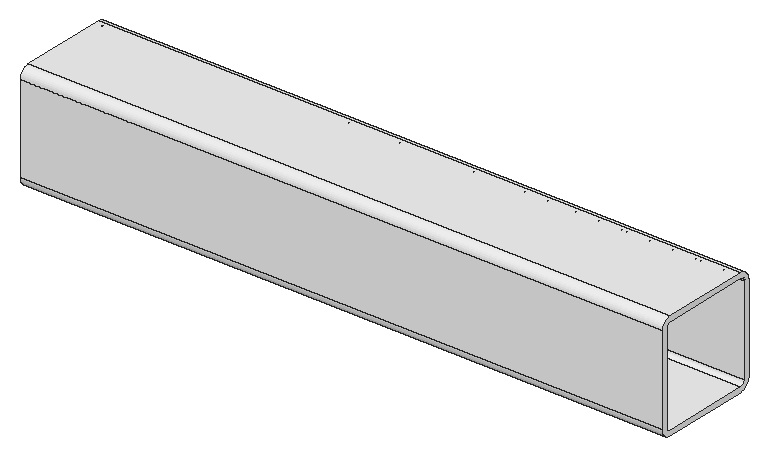
Revit family "M_CEV-Corte da estrutura vazado", category Quadro estrutural, Revit 2019
Family settings
  Arredondamento do comprimento do framing estrutural = 0 mm
  Forma do corte = Não definido
  Material para o comportamento do modelo = Aço
  Exportar sempre como geometria = Não
  Número OmniClass = 23.25.30.11.14.14
  Título OmniClass = Beams
  ID de item do Seek = HSS-Hollow Structural Section-0000-CAN-ENU
  Sempre na vertical = Sim
  Corte com vazios quando carregada = Não
  Representação simbólica = Das configurações de projeto
  Compartilhado = Não
  Exibir o pré-corte da família na vista da planta = Sim
Parameters (values of type "HSS203.2X203.2X9.5")
  W = 0.549
  Structural Material [instance] = Aço, 45-345
  Assembly Code = ""
  Ht = 203 mm
  Length [instance] = 1524 mm
  Forma = "Quadrado"
  b = 203 mm
  tr = 2 * t  # 17.8 mm
  t = 8.9 mm
  A = 0.007 m²
Reference planes
  plane 1 "Centro (Frente/Trás)": y = 0
  plane 2: z = 0
  plane 3 "Centro (Esquerda/Direita)": x = 4.61
  plane 4 "Membro esquerdo": x = -604.99
  plane 5 "Membro direito": x = 614.21
  plane 6: y = 101.5
  plane 7: y = -101.5
  plane 8 "Superior": z = 101.5
  plane 9: z = -101.5
  plane 10 "Esquerda": x = -757.39
  plane 11 "Direita": x = 766.61
Forms (mm)
  Sweep 1, solid, material "Aço, 45-345" <- "Structural Material", detail levels fine
    path origin (0, 0, 0) x (1, 0, 0) y (0, 1, 0)
      loop
        line (614.21, 0) -> (-604.99, 0)
    profile "M_Vazado-Estrutural-Corte-Perfil-Alto : M_Vazado-Estrutural-Corte-Perfil-Alto" origin (4.61, 0, 0) x (0, -1, 0) y (0, 0, 1)
      loop
        arc (-83.7, 92.6) -> (-89.993, 89.993) -> (-92.6, 83.7) r 8.9
        line (-92.6, 83.7) -> (-92.6, -83.7)
        arc (-92.6, -83.7) -> (-89.993, -89.993) -> (-83.7, -92.6) r 8.9
        line (-83.7, -92.6) -> (83.7, -92.6)
        arc (83.7, -92.6) -> (89.993, -89.993) -> (92.6, -83.7) r 8.9
        line (92.6, -83.7) -> (92.6, 83.7)
        arc (92.6, 83.7) -> (89.993, 89.993) -> (83.7, 92.6) r 8.9
        line (83.7, 92.6) -> (-83.7, 92.6)
      loop
        arc (-101.5, -83.7) -> (-96.287, -96.287) -> (-83.7, -101.5) r 17.8
        line (-83.7, -101.5) -> (83.7, -101.5)
        arc (83.7, -101.5) -> (96.287, -96.287) -> (101.5, -83.7) r 17.8
        line (101.5, -83.7) -> (101.5, 83.7)
        arc (101.5, 83.7) -> (96.287, 96.287) -> (83.7, 101.5) r 17.8
        line (83.7, 101.5) -> (-83.7, 101.5)
        arc (-83.7, 101.5) -> (-96.287, 96.287) -> (-101.5, 83.7) r 17.8
        line (-101.5, 83.7) -> (-101.5, -83.7)
  Sweep 2, solid, material "Aço, 45-345" <- "Structural Material", detail levels medium
    path origin (0, 0, 0) x (1, 0, 0) y (0, 1, 0)
      loop
        line (614.21, 0) -> (-604.99, 0)
    profile "M_Vazado-Estrutural-Corte-Perfil-Médio : M_Vazado-Estrutural-Corte-Perfil-Médio" origin (4.61, 0, 0) x (0, -1, 0) y (0, 0, 1)
      loop
        line (-92.6, 92.6) -> (-92.6, -92.6) -> (92.6, -92.6) -> (92.6, 92.6) -> (-92.6, 92.6)
      loop
        line (-101.5, -101.5) -> (101.5, -101.5) -> (101.5, 101.5) -> (-101.5, 101.5) -> (-101.5, -101.5)
Lines and regions (mm)
  symbolic lines, style "Faces ocultas", detail levels medium+fine
    curve 1: line (614.21, -92.6, 0) -> (-604.99, -92.6, 0)
    curve 2: line (614.21, 92.6, 0) -> (-604.99, 92.6, 0)
    curve 3: line (-604.99, 0, 92.6) -> (614.21, 0, 92.6)
    curve 4: line (-604.99, 0, -92.6) -> (614.21, 0, -92.6)
  symbolic lines, style "Símbolos de vara", detail levels coarse
    curve 5: line (4.61, -101.5, 101.5) -> (4.61, -101.5, -101.5)
    curve 6: line (4.61, -101.5, -101.5) -> (4.61, 101.5, -101.5)
    curve 7: line (4.61, 101.5, -101.5) -> (4.61, 101.5, 101.5)
    curve 8: line (4.61, 101.5, 101.5) -> (4.61, -101.5, 101.5)
Dimensions and locks
  "b": plane 6 to plane 7
  "Ht": plane 9 to plane 8 "Superior"
  equal spacing: plane 9, plane 2, plane 8 "Superior"
  equal spacing: plane 6, plane 1 "Centro (Frente/Trás)", plane 7
  "t": plane 6 to curve 2
  "t": curve 1 to plane 7
  "t": plane 8 "Superior" to curve 3
  "t": curve 4 to plane 9
  "Length": plane 10 "Esquerda" to plane 11 "Direita"
  aligned and locked: Sweep 1 sketch curve to plane 1 "Centro (Frente/Trás)"
  aligned and locked: Sweep 2 sketch curve to plane 1 "Centro (Frente/Trás)"
  aligned and locked: curve 5 to Sweep 2
  aligned and locked: curve 6 to Sweep 2
  aligned and locked: curve 7 to Sweep 2
  aligned and locked: curve 8 to Sweep 2
  aligned and locked: plane 4 "Membro esquerdo" to Sweep 2 sketch curve
  aligned and locked: plane 5 "Membro direito" to Sweep 2 sketch curve
  aligned and locked: plane 4 "Membro esquerdo" to Sweep 1 sketch curve
  aligned and locked: plane 5 "Membro direito" to Sweep 1 sketch curve
  aligned and locked: plane 4 "Membro esquerdo" to curve 2
  aligned and locked: plane 4 "Membro esquerdo" to curve 1
  aligned and locked: plane 5 "Membro direito" to curve 2
  aligned and locked: plane 5 "Membro direito" to curve 1
  aligned and locked: plane 4 "Membro esquerdo" to curve 3
  aligned and locked: plane 4 "Membro esquerdo" to curve 4
  aligned and locked: plane 5 "Membro direito" to curve 3
  aligned and locked: plane 5 "Membro direito" to curve 4
Types in the file's own list only (332): name | W | Ht | Forma | b | tr | t | A
  HSS508X304.8X15.9 | 1.86 | 508 mm | "Retângulo" | 305 mm | 30 mm | 15 mm | 0.02 m²
  HSS508X304.8X12.7 | 1.51 | 508 mm | "Retângulo" | 305 mm | 24 mm | 12 mm | 0.02 m²
  HSS508X304.8X9.5 | 1.14 | 508 mm | "Retângulo" | 305 mm | 18 mm | 9 mm | 0.01 m²
  HSS508X304.8X7.9 | 0.961 | 508 mm | "Retângulo" | 305 mm | 15 mm | 7 mm | 0.01 m²
  HSS508X203.2X15.9 | 1.61 | 508 mm | "Retângulo" | 203 mm | 30 mm | 15 mm | 0.02 m²
  HSS508X203.2X12.7 | 1.31 | 508 mm | "Retângulo" | 203 mm | 24 mm | 12 mm | 0.02 m²
  HSS508X203.2X9.5 | 0.996 | 508 mm | "Retângulo" | 203 mm | 18 mm | 9 mm | 0.01 m²
  HSS508X203.2X7.9 | 0.836 | 508 mm | "Retângulo" | 203 mm | 15 mm | 7 mm | 0.01 m²
  HSS508X101.6X12.7 | 1.11 | 508 mm | "Retângulo" | 102 mm | 24 mm | 12 mm | 0.01 m²
  HSS508X101.6X9.5 | 0.847 | 508 mm | "Retângulo" | 102 mm | 18 mm | 9 mm | 0.01 m²
  HSS508X101.6X7.9 | 0.712 | 508 mm | "Retângulo" | 102 mm | 15 mm | 7 mm | 0.01 m²
  HSS457.2X304.8X15.9 | 1.73 | 457 mm | "Retângulo" | 305 mm | 30 mm | 15 mm | 0.02 m²
  HSS457.2X304.8X12.7 | 1.41 | 457 mm | "Retângulo" | 305 mm | 24 mm | 12 mm | 0.02 m²
  HSS457.2X304.8X9.5 | 1.07 | 457 mm | "Retângulo" | 305 mm | 18 mm | 9 mm | 0.01 m²
  HSS457.2X152.4X15.9 | 1.36 | 457 mm | "Retângulo" | 152 mm | 30 mm | 15 mm | 0.02 m²
  HSS457.2X152.4X12.7 | 1.11 | 457 mm | "Retângulo" | 152 mm | 24 mm | 12 mm | 0.01 m²
  HSS457.2X152.4X9.5 | 0.847 | 457 mm | "Retângulo" | 152 mm | 18 mm | 9 mm | 0.01 m²
  HSS457.2X152.4X7.9 | 0.712 | 457 mm | "Retângulo" | 152 mm | 15 mm | 7 mm | 0.01 m²
  HSS457.2X152.4X6.4 | 0.575 | 457 mm | "Retângulo" | 152 mm | 12 mm | 6 mm | 0.01 m²
  HSS406.4X406.4X15.9 | 1.86 | 406 mm | "Quadrado" | 406 mm | 30 mm | 15 mm | 0.02 m²
  HSS406.4X406.4X12.7 | 1.51 | 406 mm | "Quadrado" | 406 mm | 24 mm | 12 mm | 0.02 m²
  HSS406.4X406.4X9.5 | 1.14 | 406 mm | "Quadrado" | 406 mm | 18 mm | 9 mm | 0.01 m²
  HSS406.4X406.4X7.9 | 0.961 | 406 mm | "Quadrado" | 406 mm | 15 mm | 7 mm | 0.01 m²
  HSS406.4X304.8X15.9 | 1.61 | 406 mm | "Retângulo" | 305 mm | 30 mm | 15 mm | 0.02 m²
  HSS406.4X304.8X12.7 | 1.31 | 406 mm | "Retângulo" | 305 mm | 24 mm | 12 mm | 0.02 m²
  HSS406.4X304.8X9.5 | 0.996 | 406 mm | "Retângulo" | 305 mm | 18 mm | 9 mm | 0.01 m²
  HSS406.4X304.8X7.9 | 0.836 | 406 mm | "Retângulo" | 305 mm | 15 mm | 7 mm | 0.01 m²
  HSS406.4X203.2X15.9 | 1.36 | 406 mm | "Retângulo" | 203 mm | 30 mm | 15 mm | 0.02 m²
  HSS406.4X203.2X12.7 | 1.11 | 406 mm | "Retângulo" | 203 mm | 24 mm | 12 mm | 0.01 m²
  HSS406.4X203.2X9.5 | 0.847 | 406 mm | "Retângulo" | 203 mm | 18 mm | 9 mm | 0.01 m²
  HSS406.4X203.2X7.9 | 0.712 | 406 mm | "Retângulo" | 203 mm | 15 mm | 7 mm | 0.01 m²
  HSS406.4X101.6X12.7 | 0.91 | 406 mm | "Retângulo" | 102 mm | 24 mm | 12 mm | 0.01 m²
  HSS406.4X101.6X9.5 | 0.698 | 406 mm | "Retângulo" | 102 mm | 18 mm | 9 mm | 0.01 m²
  HSS406.4X101.6X7.9 | 0.588 | 406 mm | "Retângulo" | 102 mm | 15 mm | 7 mm | 0.01 m²
  HSS355.6X355.6X15.9 | 1.61 | 356 mm | "Quadrado" | 356 mm | 30 mm | 15 mm | 0.02 m²
  HSS355.6X355.6X12.7 | 1.31 | 356 mm | "Quadrado" | 356 mm | 24 mm | 12 mm | 0.02 m²
  HSS355.6X355.6X9.5 | 0.996 | 356 mm | "Quadrado" | 356 mm | 18 mm | 9 mm | 0.01 m²
  HSS355.6X355.6X7.9 | 0.836 | 356 mm | "Quadrado" | 356 mm | 15 mm | 7 mm | 0.01 m²
  HSS355.6X304.8X12.7 | 1.21 | 356 mm | "Retângulo" | 305 mm | 24 mm | 12 mm | 0.01 m²
  HSS355.6X304.8X9.5 | 0.921 | 356 mm | "Retângulo" | 305 mm | 18 mm | 9 mm | 0.01 m²
  HSS355.6X254X15.9 | 1.36 | 356 mm | "Retângulo" | 254 mm | 30 mm | 15 mm | 0.02 m²
  HSS355.6X254X12.7 | 1.11 | 356 mm | "Retângulo" | 254 mm | 24 mm | 12 mm | 0.01 m²
  HSS355.6X254X9.5 | 0.847 | 356 mm | "Retângulo" | 254 mm | 18 mm | 9 mm | 0.01 m²
  HSS355.6X254X7.9 | 0.712 | 356 mm | "Retângulo" | 254 mm | 15 mm | 7 mm | 0.01 m²
  HSS355.6X254X6.4 | 0.575 | 356 mm | "Retângulo" | 254 mm | 12 mm | 6 mm | 0.01 m²
  HSS355.6X152.4X15.9 | 1.11 | 356 mm | "Retângulo" | 152 mm | 30 mm | 15 mm | 0.01 m²
  HSS355.6X152.4X12.7 | 0.91 | 356 mm | "Retângulo" | 152 mm | 24 mm | 12 mm | 0.01 m²
  HSS355.6X152.4X9.5 | 0.698 | 356 mm | "Retângulo" | 152 mm | 18 mm | 9 mm | 0.01 m²
  HSS355.6X152.4X7.9 | 0.588 | 356 mm | "Retângulo" | 152 mm | 15 mm | 7 mm | 0.01 m²
  HSS355.6X152.4X6.4 | 0.476 | 356 mm | "Retângulo" | 152 mm | 12 mm | 6 mm | 0.01 m²
  HSS355.6X152.4X4.8 | 0.361 | 356 mm | "Retângulo" | 152 mm | 9 mm | 4 mm | 0.00 m²
  HSS355.6X101.6X15.9 | 0.987 | 356 mm | "Retângulo" | 102 mm | 30 mm | 15 mm | 0.01 m²
  HSS355.6X101.6X12.7 | 0.81 | 356 mm | "Retângulo" | 102 mm | 24 mm | 12 mm | 0.01 m²
  HSS355.6X101.6X9.5 | 0.623 | 356 mm | "Retângulo" | 102 mm | 18 mm | 9 mm | 0.01 m²
  HSS355.6X101.6X7.9 | 0.526 | 356 mm | "Retângulo" | 102 mm | 15 mm | 7 mm | 0.01 m²
  HSS355.6X101.6X6.4 | 0.426 | 356 mm | "Retângulo" | 102 mm | 12 mm | 6 mm | 0.01 m²
  HSS355.6X101.6X4.8 | 0.323 | 356 mm | "Retângulo" | 102 mm | 9 mm | 4 mm | 0.00 m²
  HSS304.8X304.8X15.9 | 1.36 | 305 mm | "Quadrado" | 305 mm | 30 mm | 15 mm | 0.02 m²
  HSS304.8X304.8X12.7 | 1.11 | 305 mm | "Quadrado" | 305 mm | 24 mm | 12 mm | 0.01 m²
  HSS304.8X304.8X9.5 | 0.847 | 305 mm | "Quadrado" | 305 mm | 18 mm | 9 mm | 0.01 m²
  HSS304.8X304.8X7.9 | 0.712 | 305 mm | "Quadrado" | 305 mm | 15 mm | 7 mm | 0.01 m²
  HSS304.8X304.8X6.4 | 0.575 | 305 mm | "Quadrado" | 305 mm | 12 mm | 6 mm | 0.01 m²
  HSS304.8X254X12.7 | 1.01 | 305 mm | "Retângulo" | 254 mm | 24 mm | 12 mm | 0.01 m²
  HSS304.8X254X9.5 | 0.772 | 305 mm | "Retângulo" | 254 mm | 18 mm | 9 mm | 0.01 m²
  HSS304.8X254X7.9 | 0.65 | 305 mm | "Retângulo" | 254 mm | 15 mm | 7 mm | 0.01 m²
  HSS304.8X254X6.4 | 0.525 | 305 mm | "Retângulo" | 254 mm | 12 mm | 6 mm | 0.01 m²
  HSS304.8X203.2X15.9 | 1.11 | 305 mm | "Retângulo" | 203 mm | 30 mm | 15 mm | 0.01 m²
  HSS304.8X203.2X12.7 | 0.91 | 305 mm | "Retângulo" | 203 mm | 24 mm | 12 mm | 0.01 m²
  HSS304.8X203.2X9.5 | 0.698 | 305 mm | "Retângulo" | 203 mm | 18 mm | 9 mm | 0.01 m²
  HSS304.8X203.2X7.9 | 0.588 | 305 mm | "Retângulo" | 203 mm | 15 mm | 7 mm | 0.01 m²
  HSS304.8X203.2X6.4 | 0.476 | 305 mm | "Retângulo" | 203 mm | 12 mm | 6 mm | 0.01 m²
  HSS304.8X203.2X4.8 | 0.361 | 305 mm | "Retângulo" | 203 mm | 9 mm | 4 mm | 0.00 m²
  HSS304.8X152.4X15.9 | 0.987 | 305 mm | "Retângulo" | 152 mm | 30 mm | 15 mm | 0.01 m²
  HSS304.8X152.4X12.7 | 0.81 | 305 mm | "Retângulo" | 152 mm | 24 mm | 12 mm | 0.01 m²
  HSS304.8X152.4X9.5 | 0.623 | 305 mm | "Retângulo" | 152 mm | 18 mm | 9 mm | 0.01 m²
  HSS304.8X152.4X7.9 | 0.526 | 305 mm | "Retângulo" | 152 mm | 15 mm | 7 mm | 0.01 m²
  HSS304.8X152.4X6.4 | 0.426 | 305 mm | "Retângulo" | 152 mm | 12 mm | 6 mm | 0.01 m²
  HSS304.8X152.4X4.8 | 0.323 | 305 mm | "Retângulo" | 152 mm | 9 mm | 4 mm | 0.00 m²
  HSS304.8X101.6X15.9 | 0.863 | 305 mm | "Retângulo" | 102 mm | 30 mm | 15 mm | 0.01 m²
  HSS304.8X101.6X12.7 | 0.711 | 305 mm | "Retângulo" | 102 mm | 24 mm | 12 mm | 0.01 m²
  HSS304.8X101.6X9.5 | 0.549 | 305 mm | "Retângulo" | 102 mm | 18 mm | 9 mm | 0.01 m²
  HSS304.8X101.6X7.9 | 0.464 | 305 mm | "Retângulo" | 102 mm | 15 mm | 7 mm | 0.01 m²
  HSS304.8X101.6X6.4 | 0.376 | 305 mm | "Retângulo" | 102 mm | 12 mm | 6 mm | 0.00 m²
  HSS304.8X101.6X4.8 | 0.286 | 305 mm | "Retângulo" | 102 mm | 9 mm | 4 mm | 0.00 m²
  HSS304.8X88.9X9.5 | 0.53 | 305 mm | "Retângulo" | 89 mm | 18 mm | 9 mm | 0.01 m²
  HSS304.8X88.9X7.9 | 0.448 | 305 mm | "Retângulo" | 89 mm | 15 mm | 7 mm | 0.01 m²
  HSS304.8X76.2X7.9 | 0.433 | 305 mm | "Retângulo" | 76 mm | 15 mm | 7 mm | 0.01 m²
  HSS304.8X76.2X6.4 | 0.352 | 305 mm | "Retângulo" | 76 mm | 12 mm | 6 mm | 0.00 m²
  HSS304.8X76.2X4.8 | 0.268 | 305 mm | "Retângulo" | 76 mm | 9 mm | 4 mm | 0.00 m²
  HSS304.8X50.8X6.4 | 0.327 | 305 mm | "Retângulo" | 51 mm | 12 mm | 6 mm | 0.00 m²
  HSS304.8X50.8X4.8 | 0.249 | 305 mm | "Retângulo" | 51 mm | 9 mm | 4 mm | 0.00 m²
  HSS254X254X15.9 | 1.11 | 254 mm | "Quadrado" | 254 mm | 30 mm | 15 mm | 0.01 m²
  HSS254X254X12.7 | 0.91 | 254 mm | "Quadrado" | 254 mm | 24 mm | 12 mm | 0.01 m²
  HSS254X254X9.5 | 0.698 | 254 mm | "Quadrado" | 254 mm | 18 mm | 9 mm | 0.01 m²
  HSS254X254X7.9 | 0.588 | 254 mm | "Quadrado" | 254 mm | 15 mm | 7 mm | 0.01 m²
  HSS254X254X6.4 | 0.476 | 254 mm | "Quadrado" | 254 mm | 12 mm | 6 mm | 0.01 m²
  HSS254X254X4.8 | 0.361 | 254 mm | "Quadrado" | 254 mm | 9 mm | 4 mm | 0.00 m²
  HSS254X203.2X12.7 | 0.81 | 254 mm | "Retângulo" | 203 mm | 24 mm | 12 mm | 0.01 m²
  HSS254X203.2X9.5 | 0.623 | 254 mm | "Retângulo" | 203 mm | 18 mm | 9 mm | 0.01 m²
  HSS254X203.2X7.9 | 0.526 | 254 mm | "Retângulo" | 203 mm | 15 mm | 7 mm | 0.01 m²
  HSS254X203.2X6.4 | 0.426 | 254 mm | "Retângulo" | 203 mm | 12 mm | 6 mm | 0.01 m²
  HSS254X203.2X4.8 | 0.323 | 254 mm | "Retângulo" | 203 mm | 9 mm | 4 mm | 0.00 m²
  HSS254X152.4X15.9 | 0.863 | 254 mm | "Retângulo" | 152 mm | 30 mm | 15 mm | 0.01 m²
  HSS254X152.4X12.7 | 0.711 | 254 mm | "Retângulo" | 152 mm | 24 mm | 12 mm | 0.01 m²
  HSS254X152.4X9.5 | 0.549 | 254 mm | "Retângulo" | 152 mm | 18 mm | 9 mm | 0.01 m²
  HSS254X152.4X7.9 | 0.464 | 254 mm | "Retângulo" | 152 mm | 15 mm | 7 mm | 0.01 m²
  HSS254X152.4X6.4 | 0.376 | 254 mm | "Retângulo" | 152 mm | 12 mm | 6 mm | 0.00 m²
  HSS254X152.4X4.8 | 0.286 | 254 mm | "Retângulo" | 152 mm | 9 mm | 4 mm | 0.00 m²
  HSS254X127X9.5 | 0.512 | 254 mm | "Retângulo" | 127 mm | 18 mm | 9 mm | 0.01 m²
  HSS254X127X7.9 | 0.433 | 254 mm | "Retângulo" | 127 mm | 15 mm | 7 mm | 0.01 m²
  HSS254X127X6.4 | 0.352 | 254 mm | "Retângulo" | 127 mm | 12 mm | 6 mm | 0.00 m²
  HSS254X127X4.8 | 0.268 | 254 mm | "Retângulo" | 127 mm | 9 mm | 4 mm | 0.00 m²
  HSS254X101.6X15.9 | 0.738 | 254 mm | "Retângulo" | 102 mm | 30 mm | 15 mm | 0.01 m²
  HSS254X101.6X12.7 | 0.612 | 254 mm | "Retângulo" | 102 mm | 24 mm | 12 mm | 0.01 m²
  HSS254X101.6X9.5 | 0.474 | 254 mm | "Retângulo" | 102 mm | 18 mm | 9 mm | 0.01 m²
  HSS254X101.6X7.9 | 0.402 | 254 mm | "Retângulo" | 102 mm | 15 mm | 7 mm | 0.00 m²
  HSS254X101.6X6.4 | 0.327 | 254 mm | "Retângulo" | 102 mm | 12 mm | 6 mm | 0.00 m²
  HSS254X101.6X4.8 | 0.249 | 254 mm | "Retângulo" | 102 mm | 9 mm | 4 mm | 0.00 m²
  HSS254X88.9X4.8 | 0.24 | 254 mm | "Retângulo" | 89 mm | 9 mm | 4 mm | 0.00 m²
  HSS254X76.2X9.5 | 0.437 | 254 mm | "Retângulo" | 76 mm | 18 mm | 9 mm | 0.01 m²
  HSS254X76.2X7.9 | 0.371 | 254 mm | "Retângulo" | 76 mm | 15 mm | 7 mm | 0.00 m²
  HSS254X76.2X6.4 | 0.302 | 254 mm | "Retângulo" | 76 mm | 12 mm | 6 mm | 0.00 m²
  HSS254X76.2X4.8 | 0.23 | 254 mm | "Retângulo" | 76 mm | 9 mm | 4 mm | 0.00 m²
  HSS254X76.2X3.2 | 0.156 | 254 mm | "Retângulo" | 76 mm | 6 mm | 3 mm | 0.00 m²
  HSS254X50.8X9.5 | 0.4 | 254 mm | "Retângulo" | 51 mm | 18 mm | 9 mm | 0.00 m²
  HSS254X50.8X7.9 | 0.34 | 254 mm | "Retângulo" | 51 mm | 15 mm | 7 mm | 0.00 m²
  HSS254X50.8X6.4 | 0.277 | 254 mm | "Retângulo" | 51 mm | 12 mm | 6 mm | 0.00 m²
  HSS254X50.8X4.8 | 0.212 | 254 mm | "Retângulo" | 51 mm | 9 mm | 4 mm | 0.00 m²
  HSS228.6X177.8X15.9 | 0.863 | 229 mm | "Retângulo" | 178 mm | 30 mm | 15 mm | 0.01 m²
  HSS228.6X177.8X12.7 | 0.711 | 229 mm | "Retângulo" | 178 mm | 24 mm | 12 mm | 0.01 m²
  HSS228.6X177.8X9.5 | 0.549 | 229 mm | "Retângulo" | 178 mm | 18 mm | 9 mm | 0.01 m²
  HSS228.6X177.8X7.9 | 0.464 | 229 mm | "Retângulo" | 178 mm | 15 mm | 7 mm | 0.01 m²
  HSS228.6X177.8X6.4 | 0.376 | 229 mm | "Retângulo" | 178 mm | 12 mm | 6 mm | 0.00 m²
  HSS228.6X177.8X4.8 | 0.286 | 229 mm | "Retângulo" | 178 mm | 9 mm | 4 mm | 0.00 m²
  HSS228.6X127X15.9 | 0.738 | 229 mm | "Retângulo" | 127 mm | 30 mm | 15 mm | 0.01 m²
  HSS228.6X127X12.7 | 0.612 | 229 mm | "Retângulo" | 127 mm | 24 mm | 12 mm | 0.01 m²
  HSS228.6X127X9.5 | 0.474 | 229 mm | "Retângulo" | 127 mm | 18 mm | 9 mm | 0.01 m²
  HSS228.6X127X7.9 | 0.402 | 229 mm | "Retângulo" | 127 mm | 15 mm | 7 mm | 0.00 m²
  HSS228.6X127X6.4 | 0.327 | 229 mm | "Retângulo" | 127 mm | 12 mm | 6 mm | 0.00 m²
  HSS228.6X127X4.8 | 0.249 | 229 mm | "Retângulo" | 127 mm | 9 mm | 4 mm | 0.00 m²
  HSS228.6X76.2X12.7 | 0.512 | 229 mm | "Retângulo" | 76 mm | 24 mm | 12 mm | 0.01 m²
  HSS228.6X76.2X9.5 | 0.4 | 229 mm | "Retângulo" | 76 mm | 18 mm | 9 mm | 0.00 m²
  HSS228.6X76.2X7.9 | 0.34 | 229 mm | "Retângulo" | 76 mm | 15 mm | 7 mm | 0.00 m²
  HSS228.6X76.2X6.4 | 0.277 | 229 mm | "Retângulo" | 76 mm | 12 mm | 6 mm | 0.00 m²
  HSS228.6X76.2X4.8 | 0.212 | 229 mm | "Retângulo" | 76 mm | 9 mm | 4 mm | 0.00 m²
  HSS203.2X203.2X15.9 | 0.863 | 203 mm | "Quadrado" | 203 mm | 30 mm | 15 mm | 0.01 m²
  HSS203.2X203.2X12.7 | 0.711 | 203 mm | "Quadrado" | 203 mm | 24 mm | 12 mm | 0.01 m²
  HSS203.2X203.2X7.9 | 0.464 | 203 mm | "Quadrado" | 203 mm | 15 mm | 7 mm | 0.01 m²
  HSS203.2X203.2X6.4 | 0.376 | 203 mm | "Quadrado" | 203 mm | 12 mm | 6 mm | 0.00 m²
  HSS203.2X203.2X4.8 | 0.286 | 203 mm | "Quadrado" | 203 mm | 9 mm | 4 mm | 0.00 m²
  HSS203.2X152.4X15.9 | 0.738 | 203 mm | "Retângulo" | 152 mm | 30 mm | 15 mm | 0.01 m²
  HSS203.2X152.4X12.7 | 0.612 | 203 mm | "Retângulo" | 152 mm | 24 mm | 12 mm | 0.01 m²
  HSS203.2X152.4X9.5 | 0.474 | 203 mm | "Retângulo" | 152 mm | 18 mm | 9 mm | 0.01 m²
  HSS203.2X152.4X7.9 | 0.402 | 203 mm | "Retângulo" | 152 mm | 15 mm | 7 mm | 0.00 m²
  HSS203.2X152.4X6.4 | 0.327 | 203 mm | "Retângulo" | 152 mm | 12 mm | 6 mm | 0.00 m²
  HSS203.2X152.4X4.8 | 0.249 | 203 mm | "Retângulo" | 152 mm | 9 mm | 4 mm | 0.00 m²
  HSS203.2X101.6X15.9 | 0.614 | 203 mm | "Retângulo" | 102 mm | 30 mm | 15 mm | 0.01 m²
  HSS203.2X101.6X12.7 | 0.512 | 203 mm | "Retângulo" | 102 mm | 24 mm | 12 mm | 0.01 m²
  HSS203.2X101.6X9.5 | 0.4 | 203 mm | "Retângulo" | 102 mm | 18 mm | 9 mm | 0.00 m²
  HSS203.2X101.6X7.9 | 0.34 | 203 mm | "Retângulo" | 102 mm | 15 mm | 7 mm | 0.00 m²
  HSS203.2X101.6X6.4 | 0.277 | 203 mm | "Retângulo" | 102 mm | 12 mm | 6 mm | 0.00 m²
  HSS203.2X101.6X4.8 | 0.212 | 203 mm | "Retângulo" | 102 mm | 9 mm | 4 mm | 0.00 m²
  HSS203.2X101.6X3.2 | 0.144 | 203 mm | "Retângulo" | 102 mm | 6 mm | 3 mm | 0.00 m²
  HSS203.2X76.2X12.7 | 0.463 | 203 mm | "Retângulo" | 76 mm | 24 mm | 12 mm | 0.01 m²
  HSS203.2X76.2X9.5 | 0.363 | 203 mm | "Retângulo" | 76 mm | 18 mm | 9 mm | 0.00 m²
  HSS203.2X76.2X7.9 | 0.309 | 203 mm | "Retângulo" | 76 mm | 15 mm | 7 mm | 0.00 m²
  HSS203.2X76.2X6.4 | 0.252 | 203 mm | "Retângulo" | 76 mm | 12 mm | 6 mm | 0.00 m²
  HSS203.2X76.2X4.8 | 0.193 | 203 mm | "Retângulo" | 76 mm | 9 mm | 4 mm | 0.00 m²
  HSS203.2X76.2X3.2 | 0.131 | 203 mm | "Retângulo" | 76 mm | 6 mm | 3 mm | 0.00 m²
  HSS203.2X50.8X9.5 | 0.325 | 203 mm | "Retângulo" | 51 mm | 18 mm | 9 mm | 0.00 m²
  HSS203.2X50.8X7.9 | 0.278 | 203 mm | "Retângulo" | 51 mm | 15 mm | 7 mm | 0.00 m²
  HSS203.2X50.8X6.4 | 0.227 | 203 mm | "Retângulo" | 51 mm | 12 mm | 6 mm | 0.00 m²
  HSS203.2X50.8X4.8 | 0.174 | 203 mm | "Retângulo" | 51 mm | 9 mm | 4 mm | 0.00 m²
  HSS203.2X50.8X3.2 | 0.119 | 203 mm | "Retângulo" | 51 mm | 6 mm | 3 mm | 0.00 m²
  HSS177.8X177.8X15.9 | 0.738 | 178 mm | "Quadrado" | 178 mm | 30 mm | 15 mm | 0.01 m²
  HSS177.8X177.8X12.7 | 0.612 | 178 mm | "Quadrado" | 178 mm | 24 mm | 12 mm | 0.01 m²
  HSS177.8X177.8X9.5 | 0.474 | 178 mm | "Quadrado" | 178 mm | 18 mm | 9 mm | 0.01 m²
  HSS177.8X177.8X7.9 | 0.402 | 178 mm | "Quadrado" | 178 mm | 15 mm | 7 mm | 0.00 m²
  HSS177.8X177.8X6.4 | 0.327 | 178 mm | "Quadrado" | 178 mm | 12 mm | 6 mm | 0.00 m²
  HSS177.8X177.8X4.8 | 0.249 | 178 mm | "Quadrado" | 178 mm | 9 mm | 4 mm | 0.00 m²
  HSS177.8X127X15.9 | 0.614 | 178 mm | "Retângulo" | 127 mm | 30 mm | 15 mm | 0.01 m²
  HSS177.8X127X12.7 | 0.512 | 178 mm | "Retângulo" | 127 mm | 24 mm | 12 mm | 0.01 m²
  HSS177.8X127X9.5 | 0.4 | 178 mm | "Retângulo" | 127 mm | 18 mm | 9 mm | 0.00 m²
  HSS177.8X127X7.9 | 0.34 | 178 mm | "Retângulo" | 127 mm | 15 mm | 7 mm | 0.00 m²
  HSS177.8X127X6.4 | 0.277 | 178 mm | "Retângulo" | 127 mm | 12 mm | 6 mm | 0.00 m²
  HSS177.8X127X4.8 | 0.212 | 178 mm | "Retângulo" | 127 mm | 9 mm | 4 mm | 0.00 m²
  HSS177.8X127X3.2 | 0.144 | 178 mm | "Retângulo" | 127 mm | 6 mm | 3 mm | 0.00 m²
  HSS177.8X101.6X12.7 | 0.463 | 178 mm | "Retângulo" | 102 mm | 24 mm | 12 mm | 0.01 m²
  HSS177.8X101.6X9.5 | 0.363 | 178 mm | "Retângulo" | 102 mm | 18 mm | 9 mm | 0.00 m²
  HSS177.8X101.6X7.9 | 0.309 | 178 mm | "Retângulo" | 102 mm | 15 mm | 7 mm | 0.00 m²
  HSS177.8X101.6X6.4 | 0.252 | 178 mm | "Retângulo" | 102 mm | 12 mm | 6 mm | 0.00 m²
  HSS177.8X101.6X4.8 | 0.193 | 178 mm | "Retângulo" | 102 mm | 9 mm | 4 mm | 0.00 m²
  HSS177.8X101.6X3.2 | 0.131 | 178 mm | "Retângulo" | 102 mm | 6 mm | 3 mm | 0.00 m²
  HSS177.8X76.2X12.7 | 0.413 | 178 mm | "Retângulo" | 76 mm | 24 mm | 12 mm | 0.01 m²
  HSS177.8X76.2X9.5 | 0.325 | 178 mm | "Retângulo" | 76 mm | 18 mm | 9 mm | 0.00 m²
  HSS177.8X76.2X7.9 | 0.278 | 178 mm | "Retângulo" | 76 mm | 15 mm | 7 mm | 0.00 m²
  HSS177.8X76.2X6.4 | 0.227 | 178 mm | "Retângulo" | 76 mm | 12 mm | 6 mm | 0.00 m²
  HSS177.8X76.2X4.8 | 0.174 | 178 mm | "Retângulo" | 76 mm | 9 mm | 4 mm | 0.00 m²
  HSS177.8X76.2X3.2 | 0.119 | 178 mm | "Retângulo" | 76 mm | 6 mm | 3 mm | 0.00 m²
  HSS152.4X152.4X15.9 | 0.614 | 152 mm | "Quadrado" | 152 mm | 30 mm | 15 mm | 0.01 m²
  HSS152.4X152.4X12.7 | 0.512 | 152 mm | "Quadrado" | 152 mm | 24 mm | 12 mm | 0.01 m²
  HSS152.4X152.4X9.5 | 0.4 | 152 mm | "Quadrado" | 152 mm | 18 mm | 9 mm | 0.00 m²
  HSS152.4X152.4X7.9 | 0.34 | 152 mm | "Quadrado" | 152 mm | 15 mm | 7 mm | 0.00 m²
  HSS152.4X152.4X6.4 | 0.277 | 152 mm | "Quadrado" | 152 mm | 12 mm | 6 mm | 0.00 m²
  HSS152.4X152.4X4.8 | 0.212 | 152 mm | "Quadrado" | 152 mm | 9 mm | 4 mm | 0.00 m²
  HSS152.4X152.4X3.2 | 0.144 | 152 mm | "Quadrado" | 152 mm | 6 mm | 3 mm | 0.00 m²
  HSS152.4X127X9.5 | 0.363 | 152 mm | "Retângulo" | 127 mm | 18 mm | 9 mm | 0.00 m²
  HSS152.4X127X7.9 | 0.309 | 152 mm | "Retângulo" | 127 mm | 15 mm | 7 mm | 0.00 m²
  HSS152.4X127X6.4 | 0.252 | 152 mm | "Retângulo" | 127 mm | 12 mm | 6 mm | 0.00 m²
  HSS152.4X127X4.8 | 0.193 | 152 mm | "Retângulo" | 127 mm | 9 mm | 4 mm | 0.00 m²
  HSS152.4X101.6X12.7 | 0.413 | 152 mm | "Retângulo" | 102 mm | 24 mm | 12 mm | 0.01 m²
  HSS152.4X101.6X9.5 | 0.325 | 152 mm | "Retângulo" | 102 mm | 18 mm | 9 mm | 0.00 m²
  HSS152.4X101.6X7.9 | 0.278 | 152 mm | "Retângulo" | 102 mm | 15 mm | 7 mm | 0.00 m²
  HSS152.4X101.6X6.4 | 0.227 | 152 mm | "Retângulo" | 102 mm | 12 mm | 6 mm | 0.00 m²
  HSS152.4X101.6X4.8 | 0.174 | 152 mm | "Retângulo" | 102 mm | 9 mm | 4 mm | 0.00 m²
  HSS152.4X101.6X3.2 | 0.119 | 152 mm | "Retângulo" | 102 mm | 6 mm | 3 mm | 0.00 m²
  HSS152.4X76.2X12.7 | 0.363 | 152 mm | "Retângulo" | 76 mm | 24 mm | 12 mm | 0.00 m²
  HSS152.4X76.2X9.5 | 0.288 | 152 mm | "Retângulo" | 76 mm | 18 mm | 9 mm | 0.00 m²
  HSS152.4X76.2X7.9 | 0.247 | 152 mm | "Retângulo" | 76 mm | 15 mm | 7 mm | 0.00 m²
  HSS152.4X76.2X6.4 | 0.203 | 152 mm | "Retângulo" | 76 mm | 12 mm | 6 mm | 0.00 m²
  HSS152.4X76.2X4.8 | 0.156 | 152 mm | "Retângulo" | 76 mm | 9 mm | 4 mm | 0.00 m²
  HSS152.4X76.2X3.2 | 0.107 | 152 mm | "Retângulo" | 76 mm | 6 mm | 3 mm | 0.00 m²
  HSS152.4X50.8X9.5 | 0.251 | 152 mm | "Retângulo" | 51 mm | 18 mm | 9 mm | 0.00 m²
  HSS152.4X50.8X7.9 | 0.216 | 152 mm | "Retângulo" | 51 mm | 15 mm | 7 mm | 0.00 m²
  HSS152.4X50.8X6.4 | 0.178 | 152 mm | "Retângulo" | 51 mm | 12 mm | 6 mm | 0.00 m²
  HSS152.4X50.8X4.8 | 0.137 | 152 mm | "Retângulo" | 51 mm | 9 mm | 4 mm | 0.00 m²
  HSS152.4X50.8X3.2 | 0.0941 | 152 mm | "Retângulo" | 51 mm | 6 mm | 3 mm | 0.00 m²
  HSS139.7X139.7X9.5 | 0.363 | 140 mm | "Quadrado" | 140 mm | 18 mm | 9 mm | 0.00 m²
  HSS139.7X139.7X7.9 | 0.309 | 140 mm | "Quadrado" | 140 mm | 15 mm | 7 mm | 0.00 m²
  HSS139.7X139.7X6.4 | 0.252 | 140 mm | "Quadrado" | 140 mm | 12 mm | 6 mm | 0.00 m²
  HSS139.7X139.7X4.8 | 0.193 | 140 mm | "Quadrado" | 140 mm | 9 mm | 4 mm | 0.00 m²
  HSS139.7X139.7X3.2 | 0.131 | 140 mm | "Quadrado" | 140 mm | 6 mm | 3 mm | 0.00 m²
  HSS127X127X12.7 | 0.413 | 127 mm | "Quadrado" | 127 mm | 24 mm | 12 mm | 0.01 m²
  HSS127X127X9.5 | 0.325 | 127 mm | "Quadrado" | 127 mm | 18 mm | 9 mm | 0.00 m²
  HSS127X127X7.9 | 0.278 | 127 mm | "Quadrado" | 127 mm | 15 mm | 7 mm | 0.00 m²
  HSS127X127X6.4 | 0.227 | 127 mm | "Quadrado" | 127 mm | 12 mm | 6 mm | 0.00 m²
  HSS127X127X4.8 | 0.174 | 127 mm | "Quadrado" | 127 mm | 9 mm | 4 mm | 0.00 m²
  HSS127X127X3.2 | 0.119 | 127 mm | "Quadrado" | 127 mm | 6 mm | 3 mm | 0.00 m²
  HSS127X101.6X12.7 | 0.363 | 127 mm | "Retângulo" | 102 mm | 24 mm | 12 mm | 0.00 m²
  HSS127X101.6X9.5 | 0.288 | 127 mm | "Retângulo" | 102 mm | 18 mm | 9 mm | 0.00 m²
  HSS127X101.6X7.9 | 0.247 | 127 mm | "Retângulo" | 102 mm | 15 mm | 7 mm | 0.00 m²
  HSS127X101.6X6.4 | 0.203 | 127 mm | "Retângulo" | 102 mm | 12 mm | 6 mm | 0.00 m²
  HSS127X101.6X4.8 | 0.156 | 127 mm | "Retângulo" | 102 mm | 9 mm | 4 mm | 0.00 m²
  HSS127X76.2X12.7 | 0.314 | 127 mm | "Retângulo" | 76 mm | 24 mm | 12 mm | 0.00 m²
  HSS127X76.2X9.5 | 0.251 | 127 mm | "Retângulo" | 76 mm | 18 mm | 9 mm | 0.00 m²
  HSS127X76.2X7.9 | 0.216 | 127 mm | "Retângulo" | 76 mm | 15 mm | 7 mm | 0.00 m²
  HSS127X76.2X6.4 | 0.178 | 127 mm | "Retângulo" | 76 mm | 12 mm | 6 mm | 0.00 m²
  HSS127X76.2X4.8 | 0.137 | 127 mm | "Retângulo" | 76 mm | 9 mm | 4 mm | 0.00 m²
  HSS127X76.2X3.2 | 0.0941 | 127 mm | "Retângulo" | 76 mm | 6 mm | 3 mm | 0.00 m²
  HSS127X63.5X6.4 | 0.165 | 127 mm | "Retângulo" | 64 mm | 12 mm | 6 mm | 0.00 m²
  HSS127X63.5X4.8 | 0.128 | 127 mm | "Retângulo" | 64 mm | 9 mm | 4 mm | 0.00 m²
  HSS127X63.5X3.2 | 0.0879 | 127 mm | "Retângulo" | 64 mm | 6 mm | 3 mm | 0.00 m²
  HSS127X50.8X9.5 | 0.214 | 127 mm | "Retângulo" | 51 mm | 18 mm | 9 mm | 0.00 m²
  HSS127X50.8X7.9 | 0.185 | 127 mm | "Retângulo" | 51 mm | 15 mm | 7 mm | 0.00 m²
  HSS127X50.8X6.4 | 0.153 | 127 mm | "Retângulo" | 51 mm | 12 mm | 6 mm | 0.00 m²
  HSS127X50.8X4.8 | 0.119 | 127 mm | "Retângulo" | 51 mm | 9 mm | 4 mm | 0.00 m²
  HSS127X50.8X3.2 | 0.0817 | 127 mm | "Retângulo" | 51 mm | 6 mm | 3 mm | 0.00 m²
  HSS114.3X114.3X12.7 | 0.363 | 114 mm | "Quadrado" | 114 mm | 24 mm | 12 mm | 0.00 m²
  HSS114.3X114.3X9.5 | 0.288 | 114 mm | "Quadrado" | 114 mm | 18 mm | 9 mm | 0.00 m²
  HSS114.3X114.3X7.9 | 0.247 | 114 mm | "Quadrado" | 114 mm | 15 mm | 7 mm | 0.00 m²
  HSS114.3X114.3X6.4 | 0.203 | 114 mm | "Quadrado" | 114 mm | 12 mm | 6 mm | 0.00 m²
  HSS114.3X114.3X4.8 | 0.156 | 114 mm | "Quadrado" | 114 mm | 9 mm | 4 mm | 0.00 m²
  HSS114.3X114.3X3.2 | 0.107 | 114 mm | "Quadrado" | 114 mm | 6 mm | 3 mm | 0.00 m²
  HSS101.6X101.6X12.7 | 0.314 | 102 mm | "Quadrado" | 102 mm | 24 mm | 12 mm | 0.00 m²
  HSS101.6X101.6X9.5 | 0.251 | 102 mm | "Quadrado" | 102 mm | 18 mm | 9 mm | 0.00 m²
  HSS101.6X101.6X7.9 | 0.216 | 102 mm | "Quadrado" | 102 mm | 15 mm | 7 mm | 0.00 m²
  HSS101.6X101.6X6.4 | 0.178 | 102 mm | "Quadrado" | 102 mm | 12 mm | 6 mm | 0.00 m²
  HSS101.6X101.6X4.8 | 0.137 | 102 mm | "Quadrado" | 102 mm | 9 mm | 4 mm | 0.00 m²
  HSS101.6X101.6X3.2 | 0.0941 | 102 mm | "Quadrado" | 102 mm | 6 mm | 3 mm | 0.00 m²
  HSS101.6X76.2X9.5 | 0.214 | 102 mm | "Retângulo" | 76 mm | 18 mm | 9 mm | 0.00 m²
  HSS101.6X76.2X7.9 | 0.185 | 102 mm | "Retângulo" | 76 mm | 15 mm | 7 mm | 0.00 m²
  HSS101.6X76.2X6.4 | 0.153 | 102 mm | "Retângulo" | 76 mm | 12 mm | 6 mm | 0.00 m²
  HSS101.6X76.2X4.8 | 0.119 | 102 mm | "Retângulo" | 76 mm | 9 mm | 4 mm | 0.00 m²
  HSS101.6X76.2X3.2 | 0.0817 | 102 mm | "Retângulo" | 76 mm | 6 mm | 3 mm | 0.00 m²
  HSS101.6X63.5X7.9 | 0.169 | 102 mm | "Retângulo" | 64 mm | 15 mm | 7 mm | 0.00 m²
  HSS101.6X63.5X6.4 | 0.141 | 102 mm | "Retângulo" | 64 mm | 12 mm | 6 mm | 0.00 m²
  HSS101.6X63.5X4.8 | 0.109 | 102 mm | "Retângulo" | 64 mm | 9 mm | 4 mm | 0.00 m²
  HSS101.6X50.8X9.5 | 0.176 | 102 mm | "Retângulo" | 51 mm | 18 mm | 9 mm | 0.00 m²
  HSS101.6X50.8X7.9 | 0.154 | 102 mm | "Retângulo" | 51 mm | 15 mm | 7 mm | 0.00 m²
  HSS101.6X50.8X6.4 | 0.128 | 102 mm | "Retângulo" | 51 mm | 12 mm | 6 mm | 0.00 m²
  HSS101.6X50.8X4.8 | 0.1 | 102 mm | "Retângulo" | 51 mm | 9 mm | 4 mm | 0.00 m²
  HSS101.6X50.8X3.2 | 0.0693 | 102 mm | "Retângulo" | 51 mm | 6 mm | 3 mm | 0.00 m²
  HSS88.9X88.9X9.5 | 0.214 | 89 mm | "Quadrado" | 89 mm | 18 mm | 9 mm | 0.00 m²
  HSS88.9X88.9X7.9 | 0.185 | 89 mm | "Quadrado" | 89 mm | 15 mm | 7 mm | 0.00 m²
  HSS88.9X88.9X6.4 | 0.153 | 89 mm | "Quadrado" | 89 mm | 12 mm | 6 mm | 0.00 m²
  HSS88.9X88.9X4.8 | 0.119 | 89 mm | "Quadrado" | 89 mm | 9 mm | 4 mm | 0.00 m²
  HSS88.9X88.9X3.2 | 0.0817 | 89 mm | "Quadrado" | 89 mm | 6 mm | 3 mm | 0.00 m²
  HSS88.9X63.5X9.5 | 0.176 | 89 mm | "Retângulo" | 64 mm | 18 mm | 9 mm | 0.00 m²
  HSS88.9X63.5X7.9 | 0.154 | 89 mm | "Retângulo" | 64 mm | 15 mm | 7 mm | 0.00 m²
  HSS88.9X63.5X6.4 | 0.128 | 89 mm | "Retângulo" | 64 mm | 12 mm | 6 mm | 0.00 m²
  HSS88.9X63.5X4.8 | 0.1 | 89 mm | "Retângulo" | 64 mm | 9 mm | 4 mm | 0.00 m²
  HSS88.9X63.5X3.2 | 0.0693 | 89 mm | "Retângulo" | 64 mm | 6 mm | 3 mm | 0.00 m²
  HSS76.2X76.2X9.5 | 0.176 | 76 mm | "Quadrado" | 76 mm | 18 mm | 9 mm | 0.00 m²
  HSS76.2X76.2X7.9 | 0.154 | 76 mm | "Quadrado" | 76 mm | 15 mm | 7 mm | 0.00 m²
  HSS76.2X76.2X6.4 | 0.128 | 76 mm | "Quadrado" | 76 mm | 12 mm | 6 mm | 0.00 m²
  HSS76.2X76.2X4.8 | 0.1 | 76 mm | "Quadrado" | 76 mm | 9 mm | 4 mm | 0.00 m²
  HSS76.2X76.2X3.2 | 0.0693 | 76 mm | "Quadrado" | 76 mm | 6 mm | 3 mm | 0.00 m²
  HSS76.2X63.5X7.9 | 0.138 | 76 mm | "Retângulo" | 64 mm | 15 mm | 7 mm | 0.00 m²
  HSS76.2X63.5X6.4 | 0.116 | 76 mm | "Retângulo" | 64 mm | 12 mm | 6 mm | 0.00 m²
  HSS76.2X63.5X4.8 | 0.0907 | 76 mm | "Retângulo" | 64 mm | 9 mm | 4 mm | 0.00 m²
  HSS76.2X63.5X3.2 | 0.0631 | 76 mm | "Retângulo" | 64 mm | 6 mm | 3 mm | 0.00 m²
  HSS76.2X50.8X7.9 | 0.123 | 76 mm | "Retângulo" | 51 mm | 15 mm | 7 mm | 0.00 m²
  HSS76.2X50.8X6.4 | 0.103 | 76 mm | "Retângulo" | 51 mm | 12 mm | 6 mm | 0.00 m²
  HSS76.2X50.8X4.8 | 0.0814 | 76 mm | "Retângulo" | 51 mm | 9 mm | 4 mm | 0.00 m²
  HSS76.2X50.8X3.2 | 0.0568 | 76 mm | "Retângulo" | 51 mm | 6 mm | 3 mm | 0.00 m²
  HSS76.2X38.1X6.4 | 0.0909 | 76 mm | "Retângulo" | 38 mm | 12 mm | 6 mm | 0.00 m²
  HSS76.2X38.1X4.8 | 0.072 | 76 mm | "Retângulo" | 38 mm | 9 mm | 4 mm | 0.00 m²
  HSS76.2X38.1X3.2 | 0.0506 | 76 mm | "Retângulo" | 38 mm | 6 mm | 3 mm | 0.00 m²
  HSS76.2X25.4X3.2 | 0.0444 | 76 mm | "Retângulo" | 25 mm | 6 mm | 3 mm | 0.00 m²
  HSS63.5X63.5X7.9 | 0.123 | 64 mm | "Quadrado" | 64 mm | 15 mm | 7 mm | 0.00 m²
  HSS63.5X63.5X6.4 | 0.103 | 64 mm | "Quadrado" | 64 mm | 12 mm | 6 mm | 0.00 m²
  HSS63.5X63.5X4.8 | 0.0814 | 64 mm | "Quadrado" | 64 mm | 9 mm | 4 mm | 0.00 m²
  HSS63.5X63.5X3.2 | 0.0568 | 64 mm | "Quadrado" | 64 mm | 6 mm | 3 mm | 0.00 m²
  HSS63.5X38.1X6.4 | 0.0784 | 64 mm | "Quadrado" | 38 mm | 12 mm | 6 mm | 0.00 m²
  HSS63.5X38.1X4.8 | 0.0627 | 64 mm | "Quadrado" | 38 mm | 9 mm | 4 mm | 0.00 m²
  HSS63.5X38.1X3.2 | 0.0444 | 64 mm | "Quadrado" | 38 mm | 6 mm | 3 mm | 0.00 m²
  HSS57.2X57.2X6.4 | 0.0909 | 57 mm | "Quadrado" | 57 mm | 12 mm | 6 mm | 0.00 m²
  HSS57.2X57.2X4.8 | 0.072 | 57 mm | "Quadrado" | 57 mm | 9 mm | 4 mm | 0.00 m²
  HSS57.2X57.2X3.2 | 0.0506 | 57 mm | "Quadrado" | 57 mm | 6 mm | 3 mm | 0.00 m²
  HSS50.8X50.8X6.4 | 0.0784 | 51 mm | "Quadrado" | 51 mm | 12 mm | 6 mm | 0.00 m²
  HSS50.8X50.8X4.8 | 0.0627 | 51 mm | "Quadrado" | 51 mm | 9 mm | 4 mm | 0.00 m²
  HSS50.8X50.8X3.2 | 0.0444 | 51 mm | "Quadrado" | 51 mm | 6 mm | 3 mm | 0.00 m²
  HSS50.8X38.1X4.8 | 0.0534 | 51 mm | "Retângulo" | 38 mm | 9 mm | 4 mm | 0.00 m²
  HSS50.8X25.4X4.8 | 0.0441 | 51 mm | "Retângulo" | 25 mm | 9 mm | 4 mm | 0.00 m²
  HSS50.8X25.4X3.2 | 0.032 | 51 mm | "Retângulo" | 25 mm | 6 mm | 3 mm | 0.00 m²
  HSS44.5X44.5X4.8 | 0.0534 | 45 mm | "Quadrado" | 45 mm | 9 mm | 4 mm | 0.00 m²
  HSS41.3X41.3X4.8 | 0.0488 | 41 mm | "Quadrado" | 41 mm | 9 mm | 4 mm | 0.00 m²
  HSS41.3X41.3X3.2 | 0.0351 | 41 mm | "Quadrado" | 41 mm | 6 mm | 3 mm | 0.00 m²
  HSS38.1X38.1X4.8 | 0.0441 | 38 mm | "Quadrado" | 38 mm | 9 mm | 4 mm | 0.00 m²
  HSS38.1X38.1X3.2 | 0.032 | 38 mm | "Quadrado" | 38 mm | 6 mm | 3 mm | 0.00 m²
  HSS31.8X31.8X4.8 | 0.0348 | 32 mm | "Quadrado" | 32 mm | 9 mm | 4 mm | 0.00 m²
  HSS31.8X31.8X3.2 | 0.0258 | 32 mm | "Quadrado" | 32 mm | 6 mm | 3 mm | 0.00 m²
